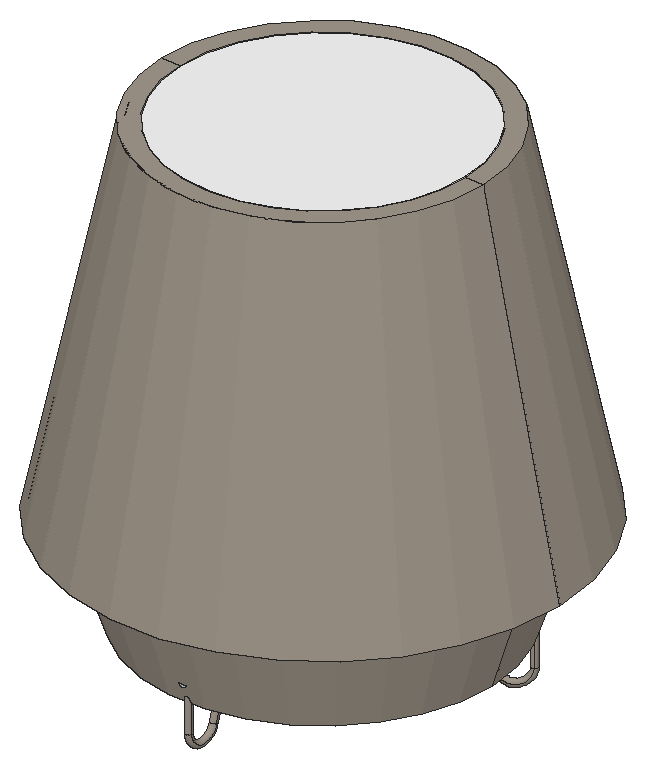
Revit family "Lighting_Desk&Table_Zero_Elements_Table", category Lighting Fixtures, Revit 2020
Family settings
  Round Connector Dimension = Use Diameter
  Part Type = Normal
  OmniClass Number = 23.80.70.00
  OmniClass Title = Lighting
  Work Plane-Based = No
  Always vertical = Yes
  Cut with Voids When Loaded = No
  Light Source = Yes
  Shared = No
  Room Calculation Point = No
Parameters (values of type "E27/Max 42W 250 Apricot")
  Youtube clip = ""
  Weight Net (Kg) = "1.5"
  Wattage = 4.77306 W
  WarrantyStartDate [instance] = "n/a"
  WarrantyGuarantorParts = "n/a"
  WarrantyGuarantorLabor = "n/a"
  WarrantyDurationUnit = "Year"
  WarrantyDurationParts = "n/a"
  WarrantyDurationLabor = "n/a"
  WarrantyDescription = "n/a"
  built-in parameter 1150110 = 1 (stored number, unit not read)
  VersionDate = "31/08/2023"  # constant formula
  Version = "3"  # constant formula
  UsageCurrent = 0 A
  Uniformat II Description = ""
  Uniformat II Code = ""
  Uniclass2015Reference = "Pr_70_70_48_32"
  Uniclass2015Description = "Free standing luminaires"
  Uniclass2 = "Pr_70_70_48_32"
  Uniclass 2015 Name = ""
  Uniclass 2015 Code = ""
  Uniclass 2.0 Description = ""
  Uniclass 2.0 Code = ""
  Uniclass 1.4 Description = ""
  Uniclass 1.4 Code = ""
  URL = "https://www.zerolighting.com/elements-inombo/"
  UNSPSC Code = ""
  TotalWattage = 9 W
  built-in parameter 1114217 = 1 (stored number, unit not read)
  Tilt Angle = 90.00°
  built-in parameter 1150109 = 1 (stored number, unit not read)
  built-in parameter 1150134 = (empty or 0)
  Technical description = ""
  TagNumber [instance] = "n/a"
  SustainabilityPerformance = "n/a"
  built-in parameter 1150113 = 1 (stored number, unit not read)
  Size = "250x250x260 mm"
  Shape = "Sculptured"
  SerialNumber [instance] = "n/a"
  Revision = "5"  # constant formula
  ReplacementCost = "n/a"
  Region South America = "None"
  Region Oceania = "AU, NZ"
  Region North America = "BZ, CR, GT, HN, MX, NI, PA, SV, US"
  Region Middle East = "AE"
  Region Europe = "AD, AL, AT, AX, BA, BE, BG, BY, CH, CY, CZ, DE, DK, EE, ES, FI, FO, FR, GB, GG, GI, GR, HR, HU, IE, IM, IS, IT, JE, LI, LT, LU, LV, MC, MD, ME, MK, MT, NL, NO, PL, PT, RO, RS, RU, SE, SI, SJ, SK, SM, UA, VA"
  Region Asia = "HK, JP, SG"
  Region Antarctica = "None"
  Region Africa = "None"
  ProductInformation = "Elements is a complete family originating from Note Design Studio´s fascination for the Nordic mountains and its light. Dawn, dusk, midnight sun. Glittering lakes, wilderness and flora. Elements simple shapes direct the light and well-balanced materials give the design elasticity and great usability."
  Product group = "Table lamp"
  Product family = "Elements"
  Product certification = ""
  Product SKU = "Elements_table_lamp"
  Product Guid = "382c2fbd-aa94-4e71-8173-5ad958c3c2fe"
  Photometric Web File = "Elements83331.IES"
  PhaseReference = "n/a"
  PhaseAngle = 0.00°
  OmniClass Description = ""
  OmniClass Code = ""
  NumberOfSources = 0
  NumberOfPoles = 1
  NominalVoltageCalc = 0 V
  NominalVoltage = 230 V
  NominalLength = 250 mm
  NominalFrequencyRange = 50 Hz
  NominalCurrent = 0 A
  Nominal width = 250.32 mm
  Nominal height = 0 mm
  Name = "Zero_Elements_Table"  # constant formula
  NBSReference = "90-60-45/405"
  NBSDescription = "General purpose luminaires"
  NBS Reference Description = ""
  NBS Reference Code = ""
  ModelType = elements250_table : elements250_table
  ModelReference = "n/a"
  ModelNumber = "8336-1-17"
  Model = "Elements table E27/Max 42W 250 Apricot"
  Material secondary = "Steel"
  Material main = "Fabric"
  Material = "Fabric"
  Masterformat 2014 Description = ""
  Masterformat 2014 Code = ""
  ManufacturersSpecificInformation = "n/a"
  ManufacturerURL = "https://www.zerolighting.com/"
  ManufacturerName = "Zero"
  Manufacturer name = "ZERO"
  Manufacturer country = "Sweden"
  Manufacturer = "Zero"
  MaintenanceFactor = 0
  Lumens = 709 lm
  built-in parameter 1150115 = 1 (stored number, unit not read)
  built-in parameter 1150105 = 56.42 (stored number, unit not read)
  LightFixtureSecondaryMaterial = Apricot Steel
  LightFixturePlacingType = "Floor"
  LightFixtureMountingType = "Surface"
  LightFixtureMainMaterial = Kvadrat Time Apricot 300/643
  built-in parameter 1150137 = (empty or 0)
  built-in parameter 1150139 = (empty or 0)
  LensMaterial = Matt Acrylic
  built-in parameter 1150112 = 1 (stored number, unit not read)
  built-in parameter 1150114 = 1 (stored number, unit not read)
  InsulationStandardClass = "n/a"
  InstallationDate [instance] = "n/a"
  Installation instructions = ""
  built-in parameter 1150132 = 2
  built-in parameter 1150102 = (empty or 0)
  built-in parameter 1150138 = (empty or 0)
  built-in parameter 1150107 = 3000 (stored number, unit not read)
  built-in parameter 1150106 = 0.5642 (stored number, unit not read)
  IfcExportType = "NOTDEFINED"  # constant formula
  IfcExportAs = "IfcLightFixtureType"  # constant formula
  IP_Code = "IP20"
  IFC Classification = ""
  HasProtectiveEarth = no
  Grade = "n/a"
  GTIN code = ""
  Finish = "Shade in fabric"
  Features = "2,5 m textile cable with switch and plug"
  ExpectedLife = "n/a"
  Emit from Circle Diameter = 609.6 mm
  Emit Shape Visible in Rendering = no
  ElectricalDeviceNominalPower = 0
  built-in parameter 1150104 = 13.8 (stored number, unit not read)
  Edition number = 1
  EANNumber = "n/a"
  DurationUnit = "Year"
  Dimming Lamp Color Temperature Shift = <None>
  Designer = "Note Design Studio"
  Design country = "Sweden"
  Description = ""
  DefaultElevation = 0 mm
  Default Elevation = 0 mm
  Date of publishing = ""
  Constituents = "n/a"
  Color Filter = 16777215
  Color = "Apricot"
  Collection = "Elements"
  CodePerformance = "n/a"
  Category = "Table"
  COBIe Type Category = ""
  Brand url = "http://www.zero.se"
  Brand = "Zero"
  Barcode [instance] = "n/a"
  built-in parameter 1114218 = 1 (stored number, unit not read)
  BIMObjectName = "Lighting_Desk&Table_Zero_Elements_Table"  # constant formula
  Author = "BIMstone"  # constant formula
  built-in parameter 1150133 = 10 (stored number, unit not read)
  AssetType = "Movable"
  AssetIdentifier [instance] = "n/a"
  ArticleNumber = "8336-1-17"
  AccessibilityPerformance = "n/a"
Types (6, lengths in mm): name | Size | NominalLength | ModelType | ModelNumber | Model | LightFixtureSecondaryMaterial | LightFixtureMainMaterial | Color | ArticleNumber
  E27/Max 42W 250 White | "250x250x260 mm" | 250 | elements250_table : elements250_table | "8336-1-01" | "Elements table E27/Max 42W 250 White" | White steel | Kinnasand Chico White | "White" | "8336-1-01"
  E27/Max 42W 320 White | "320x320x355 mm" | 320 | elements320_table : elements320_table | "8336-3-01" | "Elements table E27/Max 42W 320 White" | White steel | Kinnasand Chico White | "White" | "8336-3-01"
  E27/Max 42W 250 Blue | "250x250x260 mm" | 250 | elements250_table : elements250_table | "8336-1-08" | "Elements table E27/Max 42W 250 Blue" | Blue Steel | Kvadrat Time Blue 300/683 | "Blue" | "8336-1-08"
  E27/Max 42W 250 Apricot | "250x250x260 mm" | 250 | elements250_table : elements250_table | "8336-1-17" | "Elements table E27/Max 42W 250 Apricot" | Apricot Steel | Kvadrat Time Apricot 300/643 | "Apricot" | "8336-1-17"
  E27/Max 42W 320 Blue | "320x320x355 mm" | 320 | elements320_table : elements320_table | "8336-3-08" | "Elements table E27/Max 42W 320 Blue" | Blue Steel | Kvadrat Time Blue 300/683 | "Blue" | "8336-3-08"
  E27/Max 42W 320 Apricot | "320x320x355 mm" | 320 | elements320_table : elements320_table | "8336-3-17" | "Elements table E27/Max 42W 320 Apricot" | Apricot Steel | Kvadrat Time Apricot 300/643 | "Apricot" | "8336-3-17"
Reference planes
  plane 1 "Light Source Axis (F/B)": y = -86.479
  plane 2: z = 0
  plane 3 "Light Source Axis (L/R)": x = 0
  plane 4 "Light Source Elevation": z = 260
  plane 5: x = 125
  plane 6: x = -125
  plane 7: z = 355
  plane 8: y = 73.521
  plane 9: y = -246.479
Forms (mm)
  Extrusion 1, solid, material "Kvadrat Time Apricot 300/643" <- "LightFixtureMainMaterial", detail levels coarse
    sketch origin (0, 0, 0) x (1, 0, 0) y (0, 1, 0)
      loop
        line (-125, -246.479) -> (125, -246.479) -> (125, 73.521) -> (-125, 73.521) -> (-125, -246.479)
    from 0 to 355
Dimensions and locks
  equal spacing: plane 6, plane 3 "Light Source Axis (L/R)", plane 5
  "NominalLength": plane 6 to plane 5
  plane 7 to level = 355 mm
  equal spacing: plane 8, plane 1 "Light Source Axis (F/B)", plane 9
  plane 8 to plane 9 = 320 mm
  aligned and locked: plane 1 "Light Source Axis (F/B)" to imposter light
  aligned and locked: plane 4 "Light Source Elevation" to imposter light
  aligned and locked: level to plane 2
  aligned and locked: plane 7 to Extrusion 1
  aligned and locked: Extrusion 1 to level
  aligned and locked: Extrusion 1 to plane 9
  aligned and locked: plane 8 to Extrusion 1
  aligned and locked: plane 6 to Extrusion 1
  aligned and locked: Extrusion 1 to plane 5
Automatic sketch dimensions
  Extrusion 1 sketch curve to plane 6 = 0 mm
  Extrusion 1 sketch curve to plane 5 = 0 mm
  plane 1 "Light Source Axis (F/B)" to Extrusion 1 sketch curve = 160 mm
  Extrusion 1 sketch curve to Extrusion 1 sketch curve = 320 mm
Nested families
  nested 1: "elements250_table" at (0, -86.479, 0), Lens <- "LensMaterial", Main <- "LightFixtureMainMaterial", Steel <- "LightFixtureSecondaryMaterial", type <- "ModelType", type "elements250_table"
    with Steel Apricot Steel, Main Kvadrat Time Apricot 300/643, Lens Matt Acrylic
Connectors
  electrical at (0, -178.973, 35.573), driven by "NominalVoltage"
    settings: on nested 1, index 1, voltage 230 V, apparent load 0 VA, apparent load phase1 0 VA, apparent load phase2 0 VA, apparent load phase3 0 VA, power factor 1, load classification "Other", number of poles 1, system type 31, power factor state 1, is connector primary yes, connector utility no, sub classification motor no, connector description ""
Definition of nested family "elements250_table"
  Parameters (values of type "elements250_table")
    Steel [instance] = none
    Main [instance] = none
    Lens [instance] = none
    Default Elevation = 0 mm
  Reference planes
    plane 1 "Center (Front/Back)": y = 0
    plane 2: z = 0
    plane 3 "Center (Left/Right)": x = 0
  Forms (mm)
    Revolve 1, solid, material <- "Main", detail levels medium+fine
      sketch origin (0, 0, 25) x (1, 0, 0) y (0, 0, 1)
        loop
          line (0, 0) -> (89.64, 0) -> (106.871, 50.042) -> (125.033, 50.042) -> (85.132, 235.4) -> (75.132, 235.4) -> (75.132, 232.4) -> (82.709, 232.4) -> (121.319, 53.042) -> (104.731, 53.042) -> (87.5, 3) -> (0, 3) -> (0, 0)
        axis (0, 235.4) -> (0, 0)
      angle from 0 to 360
    Extrusion 2, solid, material <- "Lens", detail levels medium+fine
      sketch origin (0, 0, 0) x (1, 0, 0) y (0, 1, 0)
        loop
          circle (0, 0) r 75.132
      from 257.4 to 260.4
    Sweep 3, solid, material <- "Steel", detail levels medium+fine
      path origin (0, 0, 0) x (0, 1, 0) y (0, 0, 1)
        loop
          line (-66.131, 27.539) -> (-71.838, 7.872)
          arc (-71.838, 7.872) -> (-81.197, 1.825) -> (-88.5, 10.24) r 8.5
          line (-88.5, 10.24) -> (-88.5, 28.339)
      profile origin (0, -88.5, 19.29) x (0, -1, 0) y (1, 0, 0)
        loop
          circle (0, 0) r 1.75
    Sweep 4, solid, material <- "Steel", detail levels medium+fine
      path origin (0, 0, 0) x (-0.866025, -0.5, 0) y (0, 0, 1)
        loop
          line (-66.131, 27.539) -> (-71.838, 7.872)
          arc (-71.838, 7.872) -> (-81.197, 1.825) -> (-88.5, 10.24) r 8.5
          line (-88.5, 10.24) -> (-88.5, 28.339)
      profile origin (76.643, 44.25, 19.29) x (0.866025, 0.5, 0) y (-0.5, 0.866025, 0)
        loop
          circle (0, 0) r 1.75
    Sweep 5, solid, material <- "Steel", detail levels medium+fine
      path origin (0, 0, 0) x (0.866025, -0.5, 0) y (0, 0, 1)
        loop
          line (-66.131, 27.539) -> (-71.838, 7.872)
          arc (-71.838, 7.872) -> (-81.197, 1.825) -> (-88.5, 10.24) r 8.5
          line (-88.5, 10.24) -> (-88.5, 28.339)
      profile origin (-76.643, 44.25, 19.29) x (-0.866025, 0.5, 0) y (-0.5, -0.866025, 0)
        loop
          circle (0, 0) r 1.75
    Extrusion 6, solid, detail levels medium+fine
      sketch origin (0, 0, 8.551) x (1, 0, 0) y (0, 0, 1)
        loop
          circle (0, 27.022) r 2
      from 84.023 to 92.493
  Lines and regions (mm)
    symbolic lines, detail levels medium+fine
      curve 1: line (125.349, 0, 75.042) -> (106.871, 0, 75.042)
      curve 2: line (89.64, 0, 25) -> (78.418, 0, 25)
      curve 3: line (-106.871, 0, 75.042) -> (-89.64, 0, 25)
      curve 4: line (-85.362, 0, 260.4) -> (85.447, 0, 260.4)
      curve 5: line (106.871, 0, 75.042) -> (89.64, 0, 25)
      curve 6: line (-106.871, 0, 75.042) -> (-125.264, 0, 75.042)
      curve 8: line (0, 124.952, 75.042) -> (0, 106.879, 75.042)
      curve 9: line (0, 89.692, 25) -> (0, 46.014, 25)
      curve 10: line (0, 106.879, 75.042) -> (0, 89.692, 25)
      curve 12: line (125.349, 0, 75.042) -> (85.447, 0, 260.4)
      curve 13: line (-125.264, 0, 75.042) -> (-85.362, 0, 260.4)
      curve 14: line (0, 124.952, 75.042) -> (0, 85.05, 260.4)
      curve 15: line (0, -124.952, 75.042) -> (0, -106.826, 75.042)
      curve 16: line (0, -85.05, 260.4) -> (0, 85.05, 260.4)
      curve 18: line (0, -106.826, 75.042) -> (0, -90.254, 26.788)
      curve 20: line (0, -124.952, 75.042) -> (0, -85.05, 260.4)
      curve 21: line (-78.418, 0, 25) -> (-78.418, 0, 10)
      curve 22: line (-78.418, 0, 10) -> (-60.526, 0, 7.276)
      curve 23: line (-60.526, 0, 7.276) -> (-56.107, 0, 25)
      curve 27: line (-78.418, 0, 25) -> (-89.64, 0, 25)
      curve 31: line (78.418, 0, 25) -> (78.418, 0, 10)
      curve 32: line (78.418, 0, 10) -> (60.526, 0, 7.276)
      curve 33: line (60.526, 0, 7.276) -> (56.107, 0, 25)
      curve 37: line (56.107, 0, 25) -> (1.706, 0, 25)
      curve 41: line (-1.76, 0, 25) -> (-1.76, 0, 1.8)
      curve 42: line (1.706, 0, 25) -> (1.706, 0, 1.8)
      curve 43: line (-0.094, 0, 0) -> (1.706, 0, 0)
      curve 44: arc (-1.76, 0, 1.8) -> (-1.232, 0, 0.527) -> (0.04, 0, 0) r 1.8
      curve 45: arc (1.706, 0, 1.8) -> (1.179, 0, 0.527) -> (-0.094, 0, 0) r 1.8
      curve 46: line (-1.76, 0, 25) -> (-56.107, 0, 25)
      curve 48: line (0, -90.254, 26.788) -> (0, -90.254, 9.676)
      curve 50: line (0, -65.047, 25) -> (0, -70.164, 7.157)
      curve 53: line (0, -70.164, 7.157) -> (0, -90.254, 9.676)
      curve 57: line (0, -65.047, 25) -> (0, 0, 25)
      curve 58: line (0, 46.014, 25) -> (0, 46.014, 10)
      curve 61: line (0, 31.63, 25) -> (0, 33.848, 9.214)
      curve 62: line (0, 46.014, 10) -> (0, 33.848, 9.214)
      curve 67: line (0, 31.63, 25) -> (0, 0, 25)
      curve 68: arc (-125.033, 0, 0) -> (0, 125.033, 0) -> (125.033, 0, 0) r 125.033
      curve 69: arc (125.033, 0, 0) -> (0, -125.033, 0) -> (-125.033, 0, 0) r 125.033
    symbolic lines, detail levels fine
      curve 7: line (106.871, 0, 75.042) -> (-106.871, 0, 75.042)
      curve 11: line (0, 106.879, 75.042) -> (0, 0, 75.042)
      curve 17: line (0, -89.64, 25) -> (0, -86.742, 25)
      curve 19: line (0, -106.826, 75.042) -> (0, 0, 75.042)
      curve 24: line (-74.869, 0, 25) -> (-74.869, 0, 10)
      curve 25: line (-63.874, 0, 8.329) -> (-59.717, 0, 25)
      curve 26: line (-74.869, 0, 10) -> (-63.874, 0, 8.329)
      curve 28: line (-74.869, 0, 25) -> (-78.418, 0, 25)
      curve 29: line (-59.717, 0, 25) -> (-74.869, 0, 25)
      curve 30: line (-56.107, 0, 25) -> (-59.717, 0, 25)
      curve 34: line (74.869, 0, 25) -> (74.869, 0, 10)
      curve 35: line (63.874, 0, 8.329) -> (59.717, 0, 25)
      curve 36: line (74.869, 0, 10) -> (63.874, 0, 8.329)
      curve 38: line (59.717, 0, 25) -> (56.107, 0, 25)
      curve 39: line (74.869, 0, 25) -> (59.717, 0, 25)
      curve 40: line (78.418, 0, 25) -> (74.869, 0, 25)
      curve 47: line (1.706, 0, 25) -> (-1.76, 0, 25)
      curve 49: line (0, -86.742, 25) -> (0, -86.742, 9.676)
      curve 51: line (0, -68.693, 25) -> (0, -73.533, 8.123)
      curve 52: line (0, -86.742, 9.676) -> (0, -73.533, 8.123)
      curve 54: line (0, -86.742, 25) -> (0, -68.693, 25)
      curve 55: line (0, -90.254, 26.788) -> (0, -89.64, 25)
      curve 56: line (0, -68.693, 25) -> (0, -65.047, 25)
      curve 59: line (0, 42.475, 25) -> (0, 42.475, 10)
      curve 60: line (0, 35.283, 25) -> (0, 37.501, 9.214)
      curve 63: line (0, 42.475, 10) -> (0, 37.501, 9.214)
      curve 64: line (0, 46.014, 25) -> (0, 42.475, 25)
      curve 65: line (0, 42.475, 25) -> (0, 35.283, 25)
      curve 66: line (0, 35.283, 25) -> (0, 31.63, 25)
      curve 70: arc (-85.132, 0, 0) -> (0, 85.132, 0) -> (85.132, 0, 0) r 85.132
      curve 71: arc (75.132, 0, 0) -> (0, 75.132, 0) -> (-75.132, 0, 0) r 75.132
      curve 72: arc (-75.132, 0, 0) -> (0, -75.132, 0) -> (75.132, 0, 0) r 75.132
      curve 73: arc (85.132, 0, 0) -> (0, -85.132, 0) -> (-85.132, 0, 0) r 85.132
  Dimensions and locks
    aligned and locked: level to plane 2
    aligned and locked: Extrusion 2 sketch curve to Revolve 1
    aligned and locked: curve 68 to Revolve 1
    aligned and locked: curve 69 to Revolve 1
    aligned and locked: curve 70 to Revolve 1
    aligned and locked: curve 71 to Extrusion 2
    aligned and locked: curve 72 to Extrusion 2
    aligned and locked: curve 73 to Revolve 1
